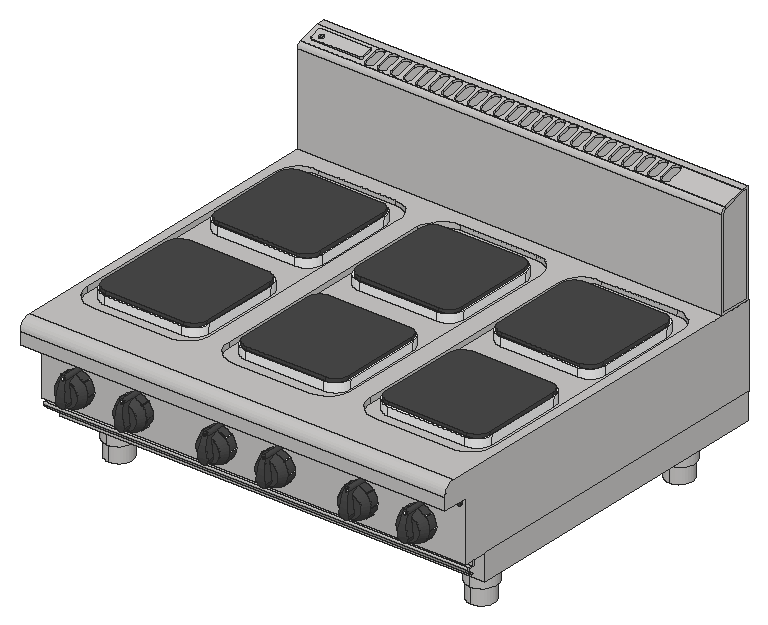
Revit family "QF_Moffat_RN8600SE-B_Electric_Cooktops_Sealed_Hobs_cat", category Specialty Equipment, Revit 2019 (continued)
Definition of nested family "High and Low Option"
  Lines and regions (mm)
    symbolic lines, visible <- "High Back", not visible
      curve 173: spline (585.791, -50.251, 0) -> (585.45, -52.751, 0) -> (584.451, -55.081, 0) -> (582.862, -57.081, 0) -> (580.791, -58.616, 0) -> (578.379, -59.581, 0) -> (575.791, -59.91, 0) -> (573.203, -59.581, 0) -> (570.791, -58.616, 0) -> (568.72, -57.081, 0) -> (567.131, -55.081, 0) -> (566.132, -52.751, 0) -> (565.791, -50.251, 0)
      curve 174: line (593.071, -50.251, 0) -> (593.071, -25.991, 0)
      curve 175: spline (593.071, -25.991, 0) -> (593.412, -23.491, 0) -> (594.411, -21.162, 0) -> (596, -19.161, 0) -> (598.071, -17.626, 0) -> (600.483, -16.661, 0) -> (603.071, -16.332, 0) -> (605.659, -16.661, 0) -> (608.071, -17.626, 0) -> (610.142, -19.161, 0) -> (611.731, -21.162, 0) -> (612.73, -23.491, 0) -> (613.071, -25.991, 0)
      curve 176: line (613.071, -25.991, 0) -> (613.071, -50.251, 0)
      curve 177: spline (613.071, -50.251, 0) -> (612.73, -52.751, 0) -> (611.731, -55.081, 0) -> (610.142, -57.081, 0) -> (608.071, -58.616, 0) -> (605.659, -59.581, 0) -> (603.071, -59.91, 0) -> (600.483, -59.581, 0) -> (598.071, -58.616, 0) -> (596, -57.081, 0) -> (594.411, -55.081, 0) -> (593.412, -52.751, 0) -> (593.071, -50.251, 0)
      curve 178: line (620.351, -50.251, 0) -> (620.351, -25.991, 0)
      curve 179: spline (620.351, -25.991, 0) -> (620.692, -23.491, 0) -> (621.691, -21.162, 0) -> (623.28, -19.161, 0) -> (625.351, -17.626, 0) -> (627.763, -16.661, 0) -> (630.351, -16.332, 0) -> (632.939, -16.661, 0) -> (635.351, -17.626, 0) -> (637.422, -19.161, 0) -> (639.012, -21.162, 0) -> (640.011, -23.491, 0) -> (640.351, -25.991, 0)
      curve 180: line (640.351, -25.991, 0) -> (640.351, -50.251, 0)
      curve 181: spline (640.351, -50.251, 0) -> (640.011, -52.751, 0) -> (639.012, -55.081, 0) -> (637.422, -57.081, 0) -> (635.351, -58.616, 0) -> (632.939, -59.581, 0) -> (630.351, -59.91, 0) -> (627.763, -59.581, 0) -> (625.351, -58.616, 0) -> (623.28, -57.081, 0) -> (621.691, -55.081, 0) -> (620.692, -52.751, 0) -> (620.351, -50.251, 0)
      curve 182: line (647.632, -50.251, 0) -> (647.632, -25.991, 0)
      curve 183: spline (647.632, -25.991, 0) -> (647.972, -23.491, 0) -> (648.971, -21.162, 0) -> (650.56, -19.161, 0) -> (652.632, -17.626, 0) -> (655.043, -16.661, 0) -> (657.632, -16.332, 0) -> (660.22, -16.661, 0) -> (662.632, -17.626, 0) -> (664.703, -19.161, 0) -> (666.292, -21.162, 0) -> (667.291, -23.491, 0) -> (667.632, -25.991, 0)
      curve 184: line (667.632, -25.991, 0) -> (667.632, -50.251, 0)
      curve 185: spline (667.632, -50.251, 0) -> (667.291, -52.751, 0) -> (666.292, -55.081, 0) -> (664.703, -57.081, 0) -> (662.632, -58.616, 0) -> (660.22, -59.581, 0) -> (657.632, -59.91, 0) -> (655.043, -59.581, 0) -> (652.632, -58.616, 0) -> (650.56, -57.081, 0) -> (648.971, -55.081, 0) -> (647.972, -52.751, 0) -> (647.632, -50.251, 0)
      curve 186: line (674.912, -50.251, 0) -> (674.912, -25.991, 0)
      curve 187: spline (674.912, -25.991, 0) -> (675.252, -23.491, 0) -> (676.251, -21.162, 0) -> (677.841, -19.161, 0) -> (679.912, -17.626, 0) -> (682.324, -16.661, 0) -> (684.912, -16.332, 0) -> (687.5, -16.661, 0) -> (689.912, -17.626, 0) -> (691.983, -19.161, 0) -> (693.572, -21.162, 0) -> (694.571, -23.491, 0) -> (694.912, -25.991, 0)
      curve 188: line (694.912, -25.991, 0) -> (694.912, -50.251, 0)
      curve 189: spline (694.912, -50.251, 0) -> (694.571, -52.751, 0) -> (693.572, -55.081, 0) -> (691.983, -57.081, 0) -> (689.912, -58.616, 0) -> (687.5, -59.581, 0) -> (684.912, -59.91, 0) -> (682.324, -59.581, 0) -> (679.912, -58.616, 0) -> (677.841, -57.081, 0) -> (676.251, -55.081, 0) -> (675.252, -52.751, 0) -> (674.912, -50.251, 0)
      curve 190: line (702.192, -50.251, 0) -> (702.192, -25.991, 0)
      curve 191: spline (702.192, -25.991, 0) -> (702.533, -23.491, 0) -> (703.532, -21.162, 0) -> (705.121, -19.161, 0) -> (707.192, -17.626, 0) -> (709.604, -16.661, 0) -> (712.192, -16.332, 0) -> (714.78, -16.661, 0) -> (717.192, -17.626, 0) -> (719.263, -19.161, 0) -> (720.852, -21.162, 0) -> (721.851, -23.491, 0) -> (722.192, -25.991, 0)
      curve 192: line (722.192, -25.991, 0) -> (722.192, -50.251, 0)
      curve 193: spline (722.192, -50.251, 0) -> (721.851, -52.751, 0) -> (720.852, -55.081, 0) -> (719.263, -57.081, 0) -> (717.192, -58.616, 0) -> (714.78, -59.581, 0) -> (712.192, -59.91, 0) -> (709.604, -59.581, 0) -> (707.192, -58.616, 0) -> (705.121, -57.081, 0) -> (703.532, -55.081, 0) -> (702.533, -52.751, 0) -> (702.192, -50.251, 0)
      curve 194: line (729.472, -50.251, 0) -> (729.472, -25.991, 0)
      curve 195: spline (729.472, -25.991, 0) -> (729.813, -23.491, 0) -> (730.812, -21.162, 0) -> (732.401, -19.161, 0) -> (734.472, -17.626, 0) -> (736.884, -16.661, 0) -> (739.472, -16.332, 0) -> (742.06, -16.661, 0) -> (744.472, -17.626, 0) -> (746.543, -19.161, 0) -> (748.132, -21.162, 0) -> (749.131, -23.491, 0) -> (749.472, -25.991, 0)
      curve 196: line (749.472, -25.991, 0) -> (749.472, -50.251, 0)
      curve 197: spline (749.472, -50.251, 0) -> (749.131, -52.751, 0) -> (748.132, -55.081, 0) -> (746.543, -57.081, 0) -> (744.472, -58.616, 0) -> (742.06, -59.581, 0) -> (739.472, -59.91, 0) -> (736.884, -59.581, 0) -> (734.472, -58.616, 0) -> (732.401, -57.081, 0) -> (730.812, -55.081, 0) -> (729.813, -52.751, 0) -> (729.472, -50.251, 0)
      curve 198: line (756.752, -50.251, 0) -> (756.752, -25.991, 0)
      curve 199: spline (756.752, -25.991, 0) -> (757.093, -23.491, 0) -> (758.092, -21.162, 0) -> (759.681, -19.161, 0) -> (761.752, -17.626, 0) -> (764.164, -16.661, 0) -> (766.752, -16.332, 0) -> (769.341, -16.661, 0) -> (771.752, -17.626, 0) -> (773.823, -19.161, 0) -> (775.413, -21.162, 0) -> (776.412, -23.491, 0) -> (776.752, -25.991, 0)
      curve 200: line (776.752, -25.991, 0) -> (776.752, -50.251, 0)
      curve 201: spline (776.752, -50.251, 0) -> (776.412, -52.751, 0) -> (775.413, -55.081, 0) -> (773.823, -57.081, 0) -> (771.752, -58.616, 0) -> (769.341, -59.581, 0) -> (766.752, -59.91, 0) -> (764.164, -59.581, 0) -> (761.752, -58.616, 0) -> (759.681, -57.081, 0) -> (758.092, -55.081, 0) -> (757.093, -52.751, 0) -> (756.752, -50.251, 0)
  Dimensions and locks
    equal spacing: plane 3 "LEFT", plane 7 "Center Y", plane 4 "RIGHT"
    "Length": plane 3 "LEFT" to plane 4 "RIGHT"
    equal spacing: plane 5 "FRONT", plane 8 "Center X", plane 1 "BACK"
    "Depth": plane 5 "FRONT" to plane 1 "BACK"
    "Height": plane 6 "TOP" to level
    plane 4 "RIGHT" to plane 3 "LEFT" = 900 mm
    plane 1 "BACK" to plane 5 "FRONT" = 805 mm
    plane 9 to plane 10 = 769 mm
    plane 12 to plane 2 = 675 mm
    plane 6 "TOP" to level = 970 mm
    plane 13 to level = 1130 mm
    aligned and locked: level to plane 2
  Automatic sketch dimensions
    plane 1 "BACK" to curve 1 = 71.587 mm
    curve 1 to plane 6 "TOP" = 46.75 mm
    curve 1 to curve 1 = 23 mm
    Extrusion 5 sketch curve to Extrusion 5 sketch curve = 10 mm  (x24)
    Extrusion 5 sketch curve to Extrusion 5 sketch curve = 7.28 mm  (x23)
    Extrusion 5 sketch curve to Extrusion 5 sketch curve = 11.379 mm  (x2)
    Extrusion 5 sketch curve to Extrusion 5 sketch curve = 0 mm  (x33)
    Extrusion 5 sketch curve to Extrusion 5 sketch curve = 25.116 mm  (x13)
    Extrusion 5 sketch curve to Extrusion 5 sketch curve = 47.732 mm
    Extrusion 5 sketch curve to Extrusion 5 sketch curve = 129.307 mm
    Extrusion 5 sketch curve to Extrusion 5 sketch curve = 123.248 mm
    Extrusion 10 sketch curve to Extrusion 10 sketch curve = 10 mm  (x24)
    Extrusion 10 sketch curve to Extrusion 10 sketch curve = 7.28 mm  (x23)
    Extrusion 10 sketch curve to Extrusion 10 sketch curve = 11.379 mm  (x2)
    Extrusion 10 sketch curve to Extrusion 10 sketch curve = 0 mm  (x33)
    Extrusion 10 sketch curve to Extrusion 10 sketch curve = 25.116 mm  (x13)
    Extrusion 10 sketch curve to Extrusion 10 sketch curve = 47.732 mm
    Extrusion 10 sketch curve to Extrusion 10 sketch curve = 129.307 mm
    Extrusion 10 sketch curve to Extrusion 10 sketch curve = 123.248 mm
    curve 3 to curve 6 = 129.307 mm
    curve 6 to curve 8 = 20 mm
    curve 8 to curve 10 = 7.28 mm
    curve 10 to curve 12 = 20 mm
    curve 13 to curve 14 = 7.28 mm
    curve 14 to curve 16 = 20 mm
    curve 16 to curve 18 = 7.28 mm
    curve 18 to curve 20 = 20 mm
    curve 21 to curve 22 = 7.28 mm
    curve 22 to curve 24 = 20 mm
    curve 25 to curve 26 = 7.28 mm
    curve 26 to curve 28 = 20 mm
    curve 29 to curve 30 = 7.28 mm
    curve 30 to curve 32 = 20 mm
    curve 32 to curve 34 = 7.28 mm
    curve 34 to curve 36 = 20 mm
    curve 37 to curve 38 = 7.28 mm
    curve 41 to curve 40 = 20 mm
    curve 41 to curve 42 = 7.28 mm
    curve 45 to curve 44 = 20 mm
    curve 43 to curve 46 = 7.28 mm
    curve 46 to curve 48 = 20 mm
    curve 49 to curve 50 = 7.28 mm
    curve 50 to curve 52 = 20 mm
    curve 52 to curve 54 = 7.28 mm
    curve 54 to curve 56 = 20 mm
    curve 57 to curve 58 = 7.28 mm
    curve 58 to curve 60 = 20 mm
    curve 61 to curve 62 = 7.28 mm
    curve 62 to curve 64 = 20 mm
    curve 64 to curve 66 = 7.28 mm
    curve 66 to curve 68 = 20 mm
    curve 69 to curve 70 = 7.28 mm
    curve 70 to curve 72 = 20 mm
    curve 73 to curve 74 = 7.28 mm
    curve 74 to curve 76 = 20 mm
    curve 77 to curve 78 = 7.28 mm
    curve 78 to curve 80 = 20 mm
    curve 80 to curve 82 = 7.28 mm
    curve 82 to curve 84 = 20 mm
    curve 85 to curve 86 = 7.28 mm
    curve 87 to curve 88 = 20 mm
    curve 89 to curve 90 = 7.28 mm
    curve 90 to curve 92 = 20 mm
    curve 91 to curve 94 = 7.28 mm
    curve 94 to curve 96 = 20 mm
    curve 96 to curve 98 = 7.28 mm
    curve 98 to curve 100 = 20 mm
    curve 3 to curve 6 = 19.749 mm
    curve 9 to curve 10 = 0 mm
    curve 96 to curve 101 = 0 mm
    curve 13 to curve 14 = 0 mm
    curve 92 to curve 97 = 0 mm
    curve 16 to curve 18 = 0 mm
    curve 88 to curve 90 = 0 mm
    curve 21 to curve 22 = 0 mm
    curve 84 to curve 86 = 0 mm  (x2)
    curve 25 to curve 26 = 0 mm
    curve 80 to curve 85 = 0 mm
    curve 29 to curve 30 = 0 mm
    curve 76 to curve 81 = 0 mm
    curve 33 to curve 34 = 0 mm
    curve 72 to curve 74 = 0 mm  (x2)
    curve 37 to curve 38 = 0 mm
    curve 68 to curve 70 = 0 mm  (x2)
    curve 41 to curve 42 = 0 mm
    curve 64 to curve 69 = 0 mm
    curve 45 to curve 46 = 0 mm
    curve 60 to curve 65 = 0 mm
    curve 49 to curve 50 = 0 mm
    curve 56 to curve 58 = 0 mm  (x2)
    curve 56 to curve 56 = 24.26 mm
    curve 52 to curve 55 = 0 mm
    curve 48 to curve 51 = 0 mm
    curve 59 to curve 62 = 0 mm
    curve 44 to curve 47 = 0 mm
    curve 64 to curve 66 = 0 mm
    curve 40 to curve 43 = 0 mm
    curve 36 to curve 39 = 0 mm
    curve 32 to curve 35 = 0 mm
    curve 75 to curve 78 = 0 mm
    curve 28 to curve 31 = 0 mm
    curve 80 to curve 82 = 0 mm
    curve 24 to curve 27 = 0 mm
    curve 20 to curve 23 = 0 mm
    curve 87 to curve 90 = 0 mm
    curve 16 to curve 19 = 0 mm
    curve 91 to curve 94 = 0 mm
    curve 12 to curve 15 = 0 mm
    curve 96 to curve 98 = 0 mm
    curve 8 to curve 11 = 0 mm
    curve 3 to curve 3 = 70 mm
    curve 100 to curve 5 = 123.248 mm
    curve 4 to curve 100 = 19.749 mm
    curve 103 to curve 106 = 129.307 mm
    curve 106 to curve 108 = 20 mm
    curve 108 to curve 110 = 7.28 mm
    curve 110 to curve 112 = 20 mm
    curve 113 to curve 114 = 7.28 mm
    curve 114 to curve 116 = 20 mm
    curve 116 to curve 118 = 7.28 mm
    curve 118 to curve 120 = 20 mm
    curve 121 to curve 122 = 7.28 mm
    curve 122 to curve 124 = 20 mm
    curve 125 to curve 126 = 7.28 mm
    curve 126 to curve 128 = 20 mm
    curve 129 to curve 130 = 7.28 mm
    curve 130 to curve 132 = 20 mm
    curve 132 to curve 134 = 7.28 mm
    curve 134 to curve 136 = 20 mm
    curve 137 to curve 138 = 7.28 mm
    curve 141 to curve 140 = 20 mm
    curve 141 to curve 142 = 7.28 mm
    curve 145 to curve 144 = 20 mm
    curve 143 to curve 146 = 7.28 mm
    curve 146 to curve 148 = 20 mm
    curve 149 to curve 150 = 7.28 mm
    curve 150 to curve 152 = 20 mm
    curve 152 to curve 154 = 7.28 mm
    curve 154 to curve 156 = 20 mm
    curve 157 to curve 158 = 7.28 mm
    curve 158 to curve 160 = 20 mm
    curve 161 to curve 162 = 7.28 mm
    curve 162 to curve 164 = 20 mm
    curve 164 to curve 166 = 7.28 mm
    curve 166 to curve 168 = 20 mm
    curve 169 to curve 170 = 7.28 mm
    curve 170 to curve 172 = 20 mm
    curve 173 to curve 174 = 7.28 mm
    curve 174 to curve 176 = 20 mm
    curve 177 to curve 178 = 7.28 mm
    curve 178 to curve 180 = 20 mm
    curve 180 to curve 182 = 7.28 mm
    curve 182 to curve 184 = 20 mm
    curve 185 to curve 186 = 7.28 mm
    curve 187 to curve 188 = 20 mm
    curve 189 to curve 190 = 7.28 mm
    curve 190 to curve 192 = 20 mm
    curve 191 to curve 194 = 7.28 mm
    curve 194 to curve 196 = 20 mm
    curve 196 to curve 198 = 7.28 mm
    curve 198 to curve 200 = 20 mm
    curve 103 to curve 106 = 19.749 mm
    curve 109 to curve 110 = 0 mm
    curve 196 to curve 201 = 0 mm
    curve 113 to curve 114 = 0 mm
    curve 192 to curve 197 = 0 mm
    curve 116 to curve 118 = 0 mm
    curve 188 to curve 190 = 0 mm
    curve 121 to curve 122 = 0 mm
    curve 184 to curve 186 = 0 mm  (x2)
    curve 125 to curve 126 = 0 mm
    curve 180 to curve 185 = 0 mm
    curve 129 to curve 130 = 0 mm
    curve 176 to curve 181 = 0 mm
    curve 133 to curve 134 = 0 mm
    curve 172 to curve 174 = 0 mm  (x2)
    curve 137 to curve 138 = 0 mm
    curve 168 to curve 170 = 0 mm  (x2)
    curve 141 to curve 142 = 0 mm
    curve 164 to curve 169 = 0 mm
    curve 145 to curve 146 = 0 mm
    curve 160 to curve 165 = 0 mm
    curve 149 to curve 150 = 0 mm
    curve 156 to curve 158 = 0 mm  (x2)
    curve 156 to curve 156 = 24.26 mm
    curve 152 to curve 155 = 0 mm
    curve 148 to curve 151 = 0 mm
    curve 159 to curve 162 = 0 mm
    curve 144 to curve 147 = 0 mm
    curve 164 to curve 166 = 0 mm
    curve 140 to curve 143 = 0 mm
    curve 136 to curve 139 = 0 mm
    curve 132 to curve 135 = 0 mm
    curve 175 to curve 178 = 0 mm
    curve 128 to curve 131 = 0 mm
    curve 180 to curve 182 = 0 mm
    curve 124 to curve 127 = 0 mm
    curve 120 to curve 123 = 0 mm
    curve 187 to curve 190 = 0 mm
    curve 116 to curve 119 = 0 mm
    curve 191 to curve 194 = 0 mm
    curve 112 to curve 115 = 0 mm
    curve 196 to curve 198 = 0 mm
    curve 108 to curve 111 = 0 mm
    curve 103 to curve 103 = 70 mm
    curve 200 to curve 105 = 123.248 mm
    curve 104 to curve 200 = 19.749 mm
    curve 203 to curve 204 = 900 mm
    curve 203 to curve 203 = 70 mm
    curve 207 to curve 208 = 900 mm
    curve 207 to curve 207 = 70 mm
    Extrusion 1 sketch curve to Extrusion 1 sketch curve = 15 mm
    Extrusion 1 sketch curve to Extrusion 1 sketch curve = 55 mm  (x2)
    Extrusion 1 sketch curve to Extrusion 1 sketch curve = 40 mm
    Extrusion 6 sketch curve to Extrusion 6 sketch curve = 15 mm
    Extrusion 6 sketch curve to Extrusion 6 sketch curve = 55 mm  (x2)
    Extrusion 6 sketch curve to Extrusion 6 sketch curve = 40 mm
    Extrusion 4 sketch curve to Extrusion 4 sketch curve = 8.8 mm
    Extrusion 4 sketch curve to Extrusion 4 sketch curve = 43.857 mm
    Extrusion 4 sketch curve to Extrusion 4 sketch curve = 63.6 mm
    Extrusion 4 sketch curve to Extrusion 4 sketch curve = 20.862 mm
    Extrusion 4 sketch curve to Extrusion 4 sketch curve = 187.738 mm
    Extrusion 4 sketch curve to Extrusion 4 sketch curve = 2.278 mm
    Extrusion 3 sketch curve to Extrusion 3 sketch curve = 63.6 mm
    Extrusion 3 sketch curve to Extrusion 3 sketch curve = 187.738 mm
    Extrusion 3 sketch curve to Extrusion 3 sketch curve = 10.943 mm
    Extrusion 3 sketch curve to Extrusion 3 sketch curve = 20.862 mm
    Extrusion 3 sketch curve to Extrusion 3 sketch curve = 6.522 mm
    Extrusion 3 sketch curve to Extrusion 3 sketch curve = 8.5 mm
    Extrusion 3 sketch curve to Extrusion 3 sketch curve = 8.8 mm
    Extrusion 2 sketch curve to Extrusion 2 sketch curve = 3.2 mm  (x4)
    Extrusion 2 sketch curve to Extrusion 2 sketch curve = 5.694 mm
    Extrusion 2 sketch curve to Extrusion 2 sketch curve = 8.8 mm
    Extrusion 2 sketch curve to Extrusion 2 sketch curve = 0 mm
    Extrusion 2 sketch curve to Extrusion 2 sketch curve = 46.106 mm
    Extrusion 2 sketch curve to Extrusion 2 sketch curve = 0.857 mm  (x2)
    Extrusion 2 sketch curve to Extrusion 2 sketch curve = 10.943 mm
    Extrusion 2 sketch curve to Extrusion 2 sketch curve = 187.738 mm
    Extrusion 2 sketch curve to Extrusion 2 sketch curve = 0.117 mm
    Extrusion 2 sketch curve to Extrusion 2 sketch curve = 9.154 mm
    Extrusion 9 sketch curve to Extrusion 9 sketch curve = 8.8 mm
    Extrusion 9 sketch curve to Extrusion 9 sketch curve = 43.857 mm
    Extrusion 9 sketch curve to Extrusion 9 sketch curve = 63.6 mm
    Extrusion 9 sketch curve to Extrusion 9 sketch curve = 20.862 mm
    Extrusion 9 sketch curve to Extrusion 9 sketch curve = 187.738 mm
    Extrusion 9 sketch curve to Extrusion 9 sketch curve = 2.278 mm
    Extrusion 8 sketch curve to Extrusion 8 sketch curve = 63.6 mm
    Extrusion 8 sketch curve to Extrusion 8 sketch curve = 187.738 mm
    Extrusion 8 sketch curve to Extrusion 8 sketch curve = 10.943 mm
    Extrusion 8 sketch curve to Extrusion 8 sketch curve = 20.862 mm
    Extrusion 8 sketch curve to Extrusion 8 sketch curve = 6.522 mm
    Extrusion 8 sketch curve to Extrusion 8 sketch curve = 8.5 mm
    Extrusion 8 sketch curve to Extrusion 8 sketch curve = 8.8 mm
    Extrusion 7 sketch curve to Extrusion 7 sketch curve = 3.2 mm  (x4)
    Extrusion 7 sketch curve to Extrusion 7 sketch curve = 5.694 mm
    Extrusion 7 sketch curve to Extrusion 7 sketch curve = 8.8 mm
    Extrusion 7 sketch curve to Extrusion 7 sketch curve = 0 mm
    Extrusion 7 sketch curve to Extrusion 7 sketch curve = 46.106 mm
    Extrusion 7 sketch curve to Extrusion 7 sketch curve = 0.857 mm  (x2)
    Extrusion 7 sketch curve to Extrusion 7 sketch curve = 10.943 mm
    Extrusion 7 sketch curve to Extrusion 7 sketch curve = 187.738 mm
    Extrusion 7 sketch curve to Extrusion 7 sketch curve = 0.117 mm
    Extrusion 7 sketch curve to Extrusion 7 sketch curve = 9.154 mm
  Nested families
    nested 1: "QF_LOGO_Waldorf" at (32, -70, 923.25), visible <- "Show Logo 1", type "QF_LOGO_Waldorf"
    nested 2: "QF_LOGO_Waldorf1" at (12.5, -38.053, 1110.468), visible <- "Show Logo 2", type "QF_LOGO_Waldorf1"
    nested 3: "QF_LOGO_Waldorf" at (32, -70, 923.25), visible <- "Show Logo 1", type "QF_LOGO_Waldorf", not visible
    nested 4: "QF_LOGO_Waldorf1" at (12.5, -38.053, 1110.468), visible <- "Show Logo 2", type "QF_LOGO_Waldorf1", not visible
  Definition of nested family "QF_LOGO_Waldorf"
    Parameters (values of type "QF_LOGO_Waldorf")
      Weight in Pounds = 0
      URL Cutsheet = ""
      Specification by User = ""
      Specification by Manufacturer = ""
      Serial Number = ""
      Seismic Rating = ""
      SMACNA No = ""
      Revision Code = ""
      NAFEM Spec ID Number = ""
      Masterspec = ""
      Length = 138 mm
      Item Number = ""
      Installed By = ""
      Identify Quantity as Lot = yes
      Height = 26.711 mm
      Furnished By = ""
      Foodservice Equipment Identifier = yes
      Depth = 3.175 mm
      CSI MasterFormat = ""
    Reference planes
      plane 1 "BACK": y = 0
      plane 2: z = 0
      plane 3 "LEFT": x = 0
      plane 4 "RIGHT": x = 138
      plane 5 "FRONT": y = -3.175
      plane 6 "TOP": z = 26.711
      plane 7 "Center Y": x = 69
      plane 8 "Center X": y = -1.587
    Forms (mm)
      Extrusion 1, solid
        sketch origin (0, 0, 0) x (1, 0, 0) y (0, 0, 1)
          loop
            line (109, 3.464) -> (109, 23.247)
            spline (109, 23.247) -> (108.966, 23.699) -> (108.864, 24.143) -> (108.696, 24.572) -> (108.464, 24.979) -> (108.173, 25.355) -> (107.828, 25.696) -> (107.435, 25.995) -> (107, 26.247) -> (106.531, 26.447) -> (106.035, 26.593) -> (105.522, 26.681) -> (105, 26.711)
            line (105, 26.711) -> (4, 26.711)
            spline (4, 26.711) -> (3.478, 26.681) -> (2.965, 26.593) -> (2.469, 26.447) -> (2, 26.247) -> (1.565, 25.995) -> (1.172, 25.696) -> (0.827, 25.355) -> (0.536, 24.979) -> (0.304, 24.572) -> (0.136, 24.143) -> (0.034, 23.699) -> (0, 23.247)
            line (0, 23.247) -> (0, 3.464)
            spline (0, 3.464) -> (0.034, 3.012) -> (0.136, 2.568) -> (0.304, 2.138) -> (0.536, 1.732) -> (0.827, 1.355) -> (1.172, 1.015) -> (1.565, 0.716) -> (2, 0.464) -> (2.469, 0.264) -> (2.965, 0.118) -> (3.478, 0.03) -> (4, 0)
            line (4, 0) -> (105, 0)
            spline (105, 0) -> (105.522, 0.03) -> (106.035, 0.118) -> (106.531, 0.264) -> (107, 0.464) -> (107.435, 0.716) -> (107.828, 1.015) -> (108.173, 1.355) -> (108.464, 1.732) -> (108.696, 2.138) -> (108.864, 2.568) -> (108.966, 3.012) -> (109, 3.464)
          loop
            line (14.75, 7.005) -> (14.75, 15.654)
            arc (14.75, 15.654) -> (10.425, 11.329) -> (14.75, 7.005) r 4.325
          loop
            line (15.25, 15.654) -> (15.25, 7.005)
            arc (15.25, 7.005) -> (19.575, 11.329) -> (15.25, 15.654) r 4.325
        from 0 to 3.2
      Extrusion 2, solid
        sketch origin (0, 0, 0) x (1, 0, 0) y (0, 0, 1)
          loop
            line (15.25, 15.654) -> (15.25, 7.005)
            arc (15.25, 7.005) -> (19.575, 11.329) -> (15.25, 15.654) r 4.325
        from 0 to 3.2
      Extrusion 3, solid
        sketch origin (16.271, 0, 0) x (-1, 0, 0) y (0, 0, -1)
          loop
            arc (1.521, -15.654) -> (5.846, -11.329) -> (1.521, -7.005) r 4.325
            line (1.521, -7.005) -> (1.521, -15.654)
        from 0 to 3.2
    Lines and regions (mm)
      Split face 1
        outline origin (0, -3.2, 0) x (1, 0, 0) y (0, 0, 1)
          loop
            spline (22.129, 16.975) -> (22.389, 15.984) -> (22.649, 15.002) -> (22.91, 14.028) -> (23.172, 13.065) -> (23.433, 12.11) -> (23.695, 11.166) -> (23.956, 10.232) -> (24.218, 9.308) -> (24.479, 8.396) -> (24.74, 7.495) -> (25, 6.605) -> (25.26, 5.728)
            line (25.26, 5.728) -> (29.463, 5.728)
            spline (29.463, 5.728) -> (29.582, 6.252) -> (29.701, 6.78) -> (29.82, 7.313) -> (29.939, 7.85) -> (30.058, 8.391) -> (30.178, 8.936) -> (30.297, 9.485) -> (30.416, 10.038) -> (30.536, 10.594) -> (30.655, 11.155) -> (30.775, 11.719) -> (30.894, 12.287)
            spline (30.894, 12.287) -> (31.018, 11.719) -> (31.142, 11.155) -> (31.266, 10.594) -> (31.39, 10.038) -> (31.514, 9.485) -> (31.638, 8.936) -> (31.762, 8.391) -> (31.885, 7.85) -> (32.009, 7.313) -> (32.133, 6.78) -> (32.256, 6.252) -> (32.379, 5.728)
            line (32.379, 5.728) -> (36.51, 5.728)
            spline (36.51, 5.728) -> (36.766, 6.605) -> (37.023, 7.495) -> (37.28, 8.396) -> (37.538, 9.308) -> (37.795, 10.232) -> (38.053, 11.166) -> (38.311, 12.11) -> (38.569, 13.065) -> (38.826, 14.028) -> (39.083, 15.002) -> (39.34, 15.984) -> (39.597, 16.975)
            line (39.597, 16.975) -> (35.637, 16.975)
            spline (35.637, 16.975) -> (35.523, 16.334) -> (35.41, 15.697) -> (35.296, 15.063) -> (35.182, 14.433) -> (35.068, 13.807) -> (34.954, 13.185) -> (34.84, 12.566) -> (34.726, 11.952) -> (34.612, 11.342) -> (34.497, 10.737) -> (34.383, 10.135) -> (34.269, 9.538)
            spline (34.269, 9.538) -> (34.138, 10.135) -> (34.008, 10.737) -> (33.877, 11.342) -> (33.746, 11.952) -> (33.616, 12.566) -> (33.485, 13.185) -> (33.354, 13.807) -> (33.224, 14.433) -> (33.093, 15.063) -> (32.963, 15.697) -> (32.833, 16.334) -> (32.703, 16.975)
            line (32.703, 16.975) -> (29.247, 16.975)
            spline (29.247, 16.975) -> (29.111, 16.334) -> (28.974, 15.697) -> (28.837, 15.063) -> (28.7, 14.433) -> (28.562, 13.807) -> (28.425, 13.185) -> (28.288, 12.566) -> (28.15, 11.952) -> (28.013, 11.342) -> (27.875, 10.737) -> (27.738, 10.135) -> (27.6, 9.538)
            spline (27.6, 9.538) -> (27.483, 10.135) -> (27.366, 10.737) -> (27.249, 11.342) -> (27.132, 11.952) -> (27.015, 12.566) -> (26.897, 13.185) -> (26.78, 13.807) -> (26.663, 14.433) -> (26.546, 15.063) -> (26.43, 15.697) -> (26.313, 16.334) -> (26.196, 16.975)
            line (26.196, 16.975) -> (22.129, 16.975)
      Split face 2
        outline origin (0, -3.2, 0) x (1, 0, 0) y (0, 0, 1)
          loop
            line (51.449, 5.728) -> (51.035, 6.606) -> (51.035, 11.169)
            spline (51.035, 11.169) -> (50.686, 12.42) -> (50.176, 13.224) -> (49.51, 13.708) -> (48.693, 13.995) -> (47.747, 14.152) -> (46.698, 14.207) -> (45.579, 14.186) -> (44.419, 14.114) -> (43.279, 13.929) -> (42.249, 13.481) -> (41.424, 12.614) -> (40.897, 11.169)
            line (40.897, 11.169) -> (44.617, 11.169) -> (44.988, 11.965)
            spline (44.988, 11.965) -> (47.294, 11.682) -> (46.856, 10.932) -> (45.527, 10.609) -> (43.858, 10.439) -> (42.259, 10.123) -> (41.078, 9.417) -> (40.563, 8.246) -> (40.689, 6.989) -> (41.407, 6.052) -> (42.774, 5.536) -> (44.847, 5.497) -> (47.306, 6.602)
            line (47.306, 6.602) -> (47.624, 5.728) -> (51.449, 5.728)
      Split face 3
        outline origin (0, -3.2, 0) x (1, 0, 0) y (0, 0, 1)
          loop
            line (47.264, 9.264) -> (44.938, 8.597)
            spline (44.938, 8.597) -> (44.508, 8.228) -> (44.402, 7.9) -> (44.548, 7.626) -> (44.877, 7.42) -> (45.317, 7.295) -> (45.797, 7.265) -> (46.252, 7.342) -> (46.65, 7.525) -> (46.971, 7.813) -> (47.194, 8.201) -> (47.298, 8.685) -> (47.264, 9.264)
      Split face 4
        outline origin (0, -3.2, 0) x (1, 0, 0) y (0, 0, 1)
          loop
            line (53.33, 16.975) -> (53.33, 5.728) -> (57.173, 5.728) -> (57.173, 16.975) -> (53.33, 16.975)
      Split face 5
        outline origin (0, -3.2, 0) x (1, 0, 0) y (0, 0, 1)
          loop
            line (65.795, 16.975) -> (65.795, 12.976)
            spline (65.795, 12.976) -> (63.839, 14.082) -> (62.087, 14.096) -> (60.633, 13.343) -> (59.574, 12.148) -> (58.99, 10.806) -> (58.867, 9.452) -> (59.156, 8.159) -> (59.81, 7) -> (60.786, 6.056) -> (62.111, 5.514) -> (63.868, 5.634) -> (66.137, 6.679)
            line (66.137, 6.679) -> (66.137, 5.728) -> (69.511, 5.728) -> (69.511, 16.975) -> (65.795, 16.975)
      Split face 6
        outline origin (0, -3.2, 0) x (1, 0, 0) y (0, 0, 1)
          loop
            spline (64.273, 7.499) -> (64.754, 7.57) -> (65.202, 7.777) -> (65.587, 8.106) -> (65.882, 8.535) -> (66.067, 9.034) -> (66.131, 9.57) -> (66.067, 10.106) -> (65.882, 10.605) -> (65.587, 11.034) -> (65.202, 11.363) -> (64.754, 11.57) -> (64.273, 11.64)
            spline (64.273, 11.64) -> (63.793, 11.57) -> (63.345, 11.363) -> (62.96, 11.034) -> (62.665, 10.605) -> (62.479, 10.106) -> (62.416, 9.57) -> (62.479, 9.034) -> (62.665, 8.535) -> (62.96, 8.106) -> (63.345, 7.777) -> (63.793, 7.57) -> (64.273, 7.499)
      Split face 7
        outline origin (0, -3.2, 0) x (1, 0, 0) y (0, 0, 1)
          loop
            spline (76.449, 5.305) -> (77.855, 5.457) -> (79.166, 5.901) -> (80.291, 6.607) -> (81.155, 7.527) -> (81.698, 8.599) -> (81.883, 9.749) -> (81.698, 10.899) -> (81.155, 11.97) -> (80.291, 12.891) -> (79.166, 13.597) -> (77.855, 14.041) -> (76.449, 14.192)
            spline (76.449, 14.192) -> (75.042, 14.041) -> (73.731, 13.597) -> (72.606, 12.891) -> (71.742, 11.97) -> (71.199, 10.899) -> (71.014, 9.749) -> (71.199, 8.599) -> (71.742, 7.527) -> (72.606, 6.607) -> (73.731, 5.901) -> (75.042, 5.457) -> (76.449, 5.305)
      Split face 8
        outline origin (0, -3.2, 0) x (1, 0, 0) y (0, 0, 1)
          loop
            spline (76.449, 7.654) -> (76.841, 7.725) -> (77.206, 7.934) -> (77.52, 8.267) -> (77.76, 8.701) -> (77.912, 9.206) -> (77.963, 9.749) -> (77.912, 10.291) -> (77.76, 10.796) -> (77.52, 11.23) -> (77.206, 11.563) -> (76.841, 11.772) -> (76.449, 11.843)
            spline (76.449, 11.843) -> (76.057, 11.772) -> (75.691, 11.563) -> (75.378, 11.23) -> (75.137, 10.796) -> (74.986, 10.291) -> (74.934, 9.749) -> (74.986, 9.206) -> (75.137, 8.701) -> (75.378, 8.267) -> (75.691, 7.934) -> (76.057, 7.725) -> (76.449, 7.654)
      Split face 9
        outline origin (0, -3.2, 0) x (1, 0, 0) y (0, 0, 1)
          loop
            line (86.998, 12.335) -> (86.998, 13.879) -> (83.479, 13.879) -> (83.479, 5.728) -> (87.312, 5.728) -> (87.312, 8.975)
            spline (87.312, 8.975) -> (87.364, 9.356) -> (87.458, 9.686) -> (87.594, 9.968) -> (87.769, 10.204) -> (87.982, 10.398) -> (88.229, 10.55) -> (88.509, 10.666) -> (88.82, 10.746) -> (89.16, 10.794) -> (89.525, 10.812) -> (89.915, 10.803) -> (90.327, 10.77)
            line (90.327, 10.77) -> (90.327, 14.113)
            spline (90.327, 14.113) -> (89.929, 14.127) -> (89.552, 14.111) -> (89.197, 14.066) -> (88.865, 13.991) -> (88.554, 13.887) -> (88.266, 13.754) -> (87.999, 13.591) -> (87.755, 13.399) -> (87.532, 13.177) -> (87.332, 12.926) -> (87.154, 12.645) -> (86.998, 12.335)
      Split face 10
        outline origin (0, -3.2, 0) x (1, 0, 0) y (0, 0, 1)
          loop
            line (92.082, 13.879) -> (90.894, 13.879) -> (90.894, 11.972) -> (92.082, 11.972) -> (92.082, 5.728) -> (95.871, 5.728) -> (95.871, 11.972) -> (97.5, 11.972) -> (97.5, 13.879) -> (95.871, 13.879)
            spline (95.871, 13.879) -> (95.843, 14.088) -> (95.845, 14.278) -> (95.877, 14.447) -> (95.939, 14.596) -> (96.03, 14.726) -> (96.151, 14.835) -> (96.301, 14.925) -> (96.482, 14.995) -> (96.692, 15.045) -> (96.931, 15.075) -> (97.201, 15.085) -> (97.5, 15.076)
            line (97.5, 15.076) -> (97.5, 17.266) -> (95.367, 17.266)
            spline (95.367, 17.266) -> (94.982, 17.253) -> (94.58, 17.21) -> (94.174, 17.132) -> (93.774, 17.013) -> (93.39, 16.846) -> (93.034, 16.627) -> (92.717, 16.349) -> (92.448, 16.007) -> (92.24, 15.595) -> (92.102, 15.106) -> (92.046, 14.537) -> (92.082, 13.879)
    Dimensions and locks
      equal spacing: plane 3 "LEFT", plane 7 "Center Y", plane 4 "RIGHT"
      "Length": plane 3 "LEFT" to plane 4 "RIGHT"
      equal spacing: plane 5 "FRONT", plane 8 "Center X", plane 1 "BACK"
      "Depth": plane 5 "FRONT" to plane 1 "BACK"
      "Height": plane 6 "TOP" to level
      plane 4 "RIGHT" to plane 3 "LEFT" = 138 mm
      aligned and locked: level to plane 2
    Automatic sketch dimensions
      Extrusion 1 sketch curve to plane 3 "LEFT" = 0 mm
      Extrusion 1 sketch curve to plane 6 "TOP" = 0 mm
      Extrusion 1 sketch curve to level = 0 mm
      plane 3 "LEFT" to Extrusion 1 sketch curve = 4 mm  (x2)
      Extrusion 1 sketch curve to Extrusion 1 sketch curve = 10.75 mm
      Extrusion 1 sketch curve to Extrusion 1 sketch curve = 0.5 mm
      plane 4 "RIGHT" to Extrusion 1 sketch curve = 33 mm
      Extrusion 1 sketch curve to Extrusion 1 sketch curve = 0 mm  (x3)
      Extrusion 1 sketch curve to Extrusion 1 sketch curve = 4 mm
      level to Extrusion 1 sketch curve = 3.464 mm  (x2)
      level to Extrusion 1 sketch curve = 7.005 mm
      Extrusion 1 sketch curve to Extrusion 1 sketch curve = 4.325 mm
      Extrusion 1 sketch curve to plane 6 "TOP" = 3.464 mm  (x2)
      Extrusion 2 sketch curve to Extrusion 2 sketch curve = 4.325 mm
      level to Extrusion 2 sketch curve = 7.005 mm
      plane 3 "LEFT" to Extrusion 2 sketch curve = 15.25 mm
      Extrusion 3 sketch curve to Extrusion 3 sketch curve = 4.325 mm
      Extrusion 3 sketch curve to level = 7.005 mm
      Extrusion 3 sketch curve to plane 3 "LEFT" = 14.75 mm
      Extrusion 1 to Split face 1 sketch curve = 6.879 mm
      Split face 1 sketch curve to Extrusion 1 = 5.728 mm
      Split face 1 sketch curve to Split face 1 sketch curve = 3.132 mm
      Split face 1 sketch curve to Split face 1 sketch curve = 4.068 mm
      Split face 1 sketch curve to Split face 1 sketch curve = 3.051 mm
      Split face 1 sketch curve to Split face 1 sketch curve = 4.203 mm
      Split face 1 sketch curve to Split face 1 sketch curve = 2.916 mm
      Split face 1 sketch curve to Split face 1 sketch curve = 3.456 mm
      Split face 1 sketch curve to Split face 1 sketch curve = 2.934 mm
      Split face 1 sketch curve to Split face 1 sketch curve = 4.131 mm
      Split face 1 sketch curve to Split face 1 sketch curve = 3.96 mm
      Split face 1 sketch curve to Split face 1 sketch curve = 0 mm  (x2)
      Split face 1 sketch curve to Extrusion 1 = 9.736 mm  (x2)
      Extrusion 1 to Split face 1 sketch curve = 6.337 mm
      Extrusion 1 to Split face 1 sketch curve = 6.231 mm
      Extrusion 1 to Split face 1 sketch curve = 3.184 mm
      Extrusion 1 to Split face 1 sketch curve = 13.135 mm
      Split face 1 sketch curve to Split face 1 sketch curve = 4.652 mm
      Split face 1 sketch curve to Split face 1 sketch curve = 3.593 mm
      Split face 1 sketch curve to Split face 1 sketch curve = 1.863 mm
      Split face 1 sketch curve to Split face 1 sketch curve = 0.713 mm
      Split face 1 sketch curve to Split face 1 sketch curve = 2.684 mm
      Split face 1 sketch curve to Split face 1 sketch curve = 3.294 mm
      Split face 1 sketch curve to Split face 1 sketch curve = 0.459 mm
      Split face 1 sketch curve to Split face 1 sketch curve = 2.775 mm
      Split face 1 sketch curve to Split face 1 sketch curve = 1.89 mm
      Split face 1 sketch curve to Split face 1 sketch curve = 0.685 mm
      Split face 1 sketch curve to Split face 1 sketch curve = 9.486 mm
      Split face 1 sketch curve to Split face 1 sketch curve = 16.213 mm
      Split face 1 sketch curve to Split face 1 sketch curve = 3.48 mm
      Split face 1 sketch curve to Split face 1 sketch curve = 4.918 mm
      Split face 1 sketch curve to Split face 1 sketch curve = 7.609 mm
      Split face 1 sketch curve to Split face 1 sketch curve = 0.01 mm  (x2)
      Split face 1 sketch curve to Split face 1 sketch curve = 0.002 mm
      Split face 2 sketch curve to Extrusion 1 = 11.169 mm
      Extrusion 1 to Split face 2 sketch curve = 25.647 mm
      Split face 2 sketch curve to Split face 2 sketch curve = 3.72 mm
      Split face 2 sketch curve to Extrusion 1 = 11.965 mm
      Split face 2 sketch curve to Split face 2 sketch curve = 0.371 mm
      Split face 2 sketch curve to Extrusion 1 = 6.602 mm
      Split face 2 sketch curve to Split face 2 sketch curve = 2.689 mm
      Split face 2 sketch curve to Split face 2 sketch curve = 0.318 mm
      Split face 2 sketch curve to Split face 2 sketch curve = 3.729 mm
      Split face 2 sketch curve to Split face 2 sketch curve = 0.414 mm
      Split face 2 sketch curve to Split face 2 sketch curve = 0.875 mm
      Split face 2 sketch curve to Split face 2 sketch curve = 0.878 mm
      Split face 3 sketch curve to Extrusion 1 = 8.597 mm
      Extrusion 1 to Split face 3 sketch curve = 29.688 mm
      Split face 3 sketch curve to Extrusion 1 = 9.264 mm
      Split face 3 sketch curve to Split face 3 sketch curve = 2.326 mm
      Split face 4 sketch curve to Extrusion 1 = 5.728 mm
      Extrusion 1 to Split face 4 sketch curve = 38.08 mm
      Split face 4 sketch curve to Split face 4 sketch curve = 3.843 mm
      Split face 4 sketch curve to Extrusion 1 = 9.736 mm
      Split face 5 sketch curve to Extrusion 1 = 12.976 mm
      Split face 5 sketch curve to Extrusion 1 = 43.205 mm
      Split face 5 sketch curve to Extrusion 1 = 6.679 mm
      Split face 5 sketch curve to Split face 5 sketch curve = 0.342 mm
      Split face 5 sketch curve to Split face 5 sketch curve = 3.375 mm
      Split face 5 sketch curve to Split face 5 sketch curve = 0.952 mm
      Split face 5 sketch curve to Split face 5 sketch curve = 3.998 mm
      Split face 6 sketch curve to Extrusion 1 = 7.499 mm
      Split face 6 sketch curve to Extrusion 1 = 44.727 mm
      Split face 6 sketch curve to Split face 6 sketch curve = 2.07 mm
      Split face 7 sketch curve to Extrusion 1 = 5.305 mm
      Split face 7 sketch curve to Extrusion 1 = 32.551 mm
      Split face 7 sketch curve to Split face 7 sketch curve = 4.443 mm
      Split face 8 sketch curve to Split face 8 sketch curve = 2.095 mm
      Split face 8 sketch curve to Extrusion 1 = 7.654 mm
      Split face 8 sketch curve to Extrusion 1 = 32.551 mm
      Split face 9 sketch curve to Extrusion 1 = 5.728 mm
      Split face 9 sketch curve to Extrusion 1 = 25.521 mm
      Split face 9 sketch curve to Split face 9 sketch curve = 3.519 mm
      Split face 9 sketch curve to Split face 9 sketch curve = 0.315 mm
      Split face 9 sketch curve to Split face 9 sketch curve = 3.33 mm
      Split face 9 sketch curve to Split face 9 sketch curve = 3.248 mm
      Split face 9 sketch curve to Split face 9 sketch curve = 1.795 mm
      Split face 9 sketch curve to Split face 9 sketch curve = 3.36 mm
      Split face 9 sketch curve to Split face 9 sketch curve = 1.545 mm
      Split face 9 sketch curve to Split face 9 sketch curve = 0.233 mm
      Split face 10 sketch curve to Extrusion 1 = 18.106 mm
      Split face 10 sketch curve to Split face 10 sketch curve = 1.188 mm  (x2)
      Split face 10 sketch curve to Split face 10 sketch curve = 3.285 mm
      Split face 10 sketch curve to Split face 10 sketch curve = 3.789 mm
      Split face 10 sketch curve to Split face 10 sketch curve = 0 mm  (x2)
      Split face 10 sketch curve to Split face 10 sketch curve = 1.629 mm
      Split face 10 sketch curve to Split face 10 sketch curve = 2.133 mm
      Split face 10 sketch curve to Extrusion 1 = 5.728 mm
      Split face 10 sketch curve to Split face 10 sketch curve = 6.245 mm
      Split face 10 sketch curve to Split face 10 sketch curve = 1.907 mm  (x2)
      Split face 10 sketch curve to Split face 10 sketch curve = 1.197 mm
      Split face 10 sketch curve to Split face 10 sketch curve = 2.19 mm
  Definition of nested family "QF_LOGO_Waldorf1"
    Parameters (values of type "QF_LOGO_Waldorf1")
      Weight in Pounds = 0
      URL Cutsheet = ""
      Specification by User = ""
      Specification by Manufacturer = ""
      Serial Number = ""
      Seismic Rating = ""
      SMACNA No = ""
      Revision Code = ""
      NAFEM Spec ID Number = ""
      Masterspec = ""
      Length = 138 mm
      Item Number = ""
      Installed By = ""
      Identify Quantity as Lot = yes
      Height = 26.711 mm
      Furnished By = ""
      Foodservice Equipment Identifier = yes
      Depth = 3.175 mm
      CSI MasterFormat = ""
    Reference planes
      plane 1 "BACK": y = 0
      plane 2: z = 0
      plane 3 "LEFT": x = 0
      plane 4 "RIGHT": x = 138
      plane 5 "FRONT": y = -3.175
      plane 6 "TOP": z = 26.711
      plane 7 "Center Y": x = 69
      plane 8 "Center X": y = -1.587
    Forms (mm)
      Extrusion 1, solid
        sketch origin (0, -12.9, 9.899) x (1, 0, 0) y (0, 0.965926, 0.258819)
          loop
            line (109, 3.464) -> (109, 23.247)
            spline (109, 23.247) -> (108.966, 23.699) -> (108.864, 24.143) -> (108.696, 24.572) -> (108.464, 24.979) -> (108.173, 25.355) -> (107.828, 25.696) -> (107.435, 25.995) -> (107, 26.247) -> (106.531, 26.447) -> (106.035, 26.593) -> (105.522, 26.681) -> (105, 26.711)
            line (105, 26.711) -> (4, 26.711)
            spline (4, 26.711) -> (3.478, 26.681) -> (2.965, 26.593) -> (2.469, 26.447) -> (2, 26.247) -> (1.565, 25.995) -> (1.172, 25.696) -> (0.827, 25.355) -> (0.536, 24.979) -> (0.304, 24.572) -> (0.136, 24.143) -> (0.034, 23.699) -> (0, 23.247)
            line (0, 23.247) -> (0, 3.464)
            spline (0, 3.464) -> (0.034, 3.012) -> (0.136, 2.568) -> (0.304, 2.138) -> (0.536, 1.732) -> (0.827, 1.355) -> (1.172, 1.015) -> (1.565, 0.716) -> (2, 0.464) -> (2.469, 0.264) -> (2.965, 0.118) -> (3.478, 0.03) -> (4, 0)
            line (4, 0) -> (105, 0)
            spline (105, 0) -> (105.522, 0.03) -> (106.035, 0.118) -> (106.531, 0.264) -> (107, 0.464) -> (107.435, 0.716) -> (107.828, 1.015) -> (108.173, 1.355) -> (108.464, 1.732) -> (108.696, 2.138) -> (108.864, 2.568) -> (108.966, 3.012) -> (109, 3.464)
          loop
            line (14.75, 7.005) -> (14.75, 15.654)
            arc (14.75, 15.654) -> (10.425, 11.329) -> (14.75, 7.005) r 4.325
          loop
            line (15.25, 15.654) -> (15.25, 7.005)
            arc (15.25, 7.005) -> (19.575, 11.329) -> (15.25, 15.654) r 4.325
        from 0 to 3.2
      Extrusion 2, solid
        sketch origin (0, -12.9, 9.899) x (1, 0, 0) y (0, 0.965926, 0.258819)
          loop
            line (15.25, 15.654) -> (15.25, 7.005)
            arc (15.25, 7.005) -> (19.575, 11.329) -> (15.25, 15.654) r 4.325
        from 0 to 3.2
      Extrusion 3, solid
        sketch origin (16.271, -12.9, 9.899) x (-1, 0, 0) y (0, -0.965926, -0.258819)
          loop
            arc (1.521, -15.654) -> (5.846, -11.329) -> (1.521, -7.005) r 4.325
            line (1.521, -7.005) -> (1.521, -15.654)
        from 0 to 3.2
    Lines and regions (mm)
      Split face 1
        outline origin (0, -13.729, 12.99) x (1, 0, 0) y (0, 0.965926, 0.258819)
          loop
            spline (22.129, 16.975) -> (22.389, 15.984) -> (22.649, 15.002) -> (22.91, 14.028) -> (23.172, 13.065) -> (23.433, 12.11) -> (23.695, 11.166) -> (23.956, 10.232) -> (24.218, 9.308) -> (24.479, 8.396) -> (24.74, 7.495) -> (25, 6.605) -> (25.26, 5.728)
            line (25.26, 5.728) -> (29.463, 5.728)
            spline (29.463, 5.728) -> (29.582, 6.252) -> (29.701, 6.78) -> (29.82, 7.313) -> (29.939, 7.85) -> (30.058, 8.391) -> (30.178, 8.936) -> (30.297, 9.485) -> (30.416, 10.038) -> (30.536, 10.594) -> (30.655, 11.155) -> (30.775, 11.719) -> (30.894, 12.287)
            spline (30.894, 12.287) -> (31.018, 11.719) -> (31.142, 11.155) -> (31.266, 10.594) -> (31.39, 10.038) -> (31.514, 9.485) -> (31.638, 8.936) -> (31.762, 8.391) -> (31.885, 7.85) -> (32.009, 7.313) -> (32.133, 6.78) -> (32.256, 6.252) -> (32.379, 5.728)
            line (32.379, 5.728) -> (36.51, 5.728)
            spline (36.51, 5.728) -> (36.766, 6.605) -> (37.023, 7.495) -> (37.28, 8.396) -> (37.538, 9.308) -> (37.795, 10.232) -> (38.053, 11.166) -> (38.311, 12.11) -> (38.569, 13.065) -> (38.826, 14.028) -> (39.083, 15.002) -> (39.34, 15.984) -> (39.597, 16.975)
            line (39.597, 16.975) -> (35.637, 16.975)
            spline (35.637, 16.975) -> (35.523, 16.334) -> (35.41, 15.697) -> (35.296, 15.063) -> (35.182, 14.433) -> (35.068, 13.807) -> (34.954, 13.185) -> (34.84, 12.566) -> (34.726, 11.952) -> (34.612, 11.342) -> (34.497, 10.737) -> (34.383, 10.135) -> (34.269, 9.538)
            spline (34.269, 9.538) -> (34.138, 10.135) -> (34.008, 10.737) -> (33.877, 11.342) -> (33.746, 11.952) -> (33.616, 12.566) -> (33.485, 13.185) -> (33.354, 13.807) -> (33.224, 14.433) -> (33.093, 15.063) -> (32.963, 15.697) -> (32.833, 16.334) -> (32.703, 16.975)
            line (32.703, 16.975) -> (29.247, 16.975)
            spline (29.247, 16.975) -> (29.111, 16.334) -> (28.974, 15.697) -> (28.837, 15.063) -> (28.7, 14.433) -> (28.562, 13.807) -> (28.425, 13.185) -> (28.288, 12.566) -> (28.15, 11.952) -> (28.013, 11.342) -> (27.875, 10.737) -> (27.738, 10.135) -> (27.6, 9.538)
            spline (27.6, 9.538) -> (27.483, 10.135) -> (27.366, 10.737) -> (27.249, 11.342) -> (27.132, 11.952) -> (27.015, 12.566) -> (26.897, 13.185) -> (26.78, 13.807) -> (26.663, 14.433) -> (26.546, 15.063) -> (26.43, 15.697) -> (26.313, 16.334) -> (26.196, 16.975)
            line (26.196, 16.975) -> (22.129, 16.975)
      Split face 2
        outline origin (0, -13.729, 12.99) x (1, 0, 0) y (0, 0.965926, 0.258819)
          loop
            line (51.449, 5.728) -> (51.035, 6.606) -> (51.035, 11.169)
            spline (51.035, 11.169) -> (50.686, 12.42) -> (50.176, 13.224) -> (49.51, 13.708) -> (48.693, 13.995) -> (47.747, 14.152) -> (46.698, 14.207) -> (45.579, 14.186) -> (44.419, 14.114) -> (43.279, 13.929) -> (42.249, 13.481) -> (41.424, 12.614) -> (40.897, 11.169)
            line (40.897, 11.169) -> (44.617, 11.169) -> (44.988, 11.965)
            spline (44.988, 11.965) -> (47.294, 11.682) -> (46.856, 10.932) -> (45.527, 10.609) -> (43.858, 10.439) -> (42.259, 10.123) -> (41.078, 9.417) -> (40.563, 8.246) -> (40.689, 6.989) -> (41.407, 6.052) -> (42.774, 5.536) -> (44.847, 5.497) -> (47.306, 6.602)
            line (47.306, 6.602) -> (47.624, 5.728) -> (51.449, 5.728)
      Split face 3
        outline origin (0, -13.729, 12.99) x (1, 0, 0) y (0, 0.965926, 0.258819)
          loop
            line (47.264, 9.264) -> (44.938, 8.597)
            spline (44.938, 8.597) -> (44.508, 8.228) -> (44.402, 7.9) -> (44.548, 7.626) -> (44.877, 7.42) -> (45.317, 7.295) -> (45.797, 7.265) -> (46.252, 7.342) -> (46.65, 7.525) -> (46.971, 7.813) -> (47.194, 8.201) -> (47.298, 8.685) -> (47.264, 9.264)
      Split face 4
        outline origin (0, -13.729, 12.99) x (1, 0, 0) y (0, 0.965926, 0.258819)
          loop
            line (53.33, 16.975) -> (53.33, 5.728) -> (57.173, 5.728) -> (57.173, 16.975) -> (53.33, 16.975)
      Split face 5
        outline origin (0, -13.729, 12.99) x (1, 0, 0) y (0, 0.965926, 0.258819)
          loop
            line (65.795, 16.975) -> (65.795, 12.976)
            spline (65.795, 12.976) -> (63.839, 14.082) -> (62.087, 14.096) -> (60.633, 13.343) -> (59.574, 12.148) -> (58.99, 10.806) -> (58.867, 9.452) -> (59.156, 8.159) -> (59.81, 7) -> (60.786, 6.056) -> (62.111, 5.514) -> (63.868, 5.634) -> (66.137, 6.679)
            line (66.137, 6.679) -> (66.137, 5.728) -> (69.511, 5.728) -> (69.511, 16.975) -> (65.795, 16.975)
      Split face 6
        outline origin (0, -13.729, 12.99) x (1, 0, 0) y (0, 0.965926, 0.258819)
          loop
            spline (64.273, 7.499) -> (64.754, 7.57) -> (65.202, 7.777) -> (65.587, 8.106) -> (65.882, 8.535) -> (66.067, 9.034) -> (66.131, 9.57) -> (66.067, 10.106) -> (65.882, 10.605) -> (65.587, 11.034) -> (65.202, 11.363) -> (64.754, 11.57) -> (64.273, 11.64)
            spline (64.273, 11.64) -> (63.793, 11.57) -> (63.345, 11.363) -> (62.96, 11.034) -> (62.665, 10.605) -> (62.479, 10.106) -> (62.416, 9.57) -> (62.479, 9.034) -> (62.665, 8.535) -> (62.96, 8.106) -> (63.345, 7.777) -> (63.793, 7.57) -> (64.273, 7.499)
      Split face 7
        outline origin (0, -13.729, 12.99) x (1, 0, 0) y (0, 0.965926, 0.258819)
          loop
            spline (76.449, 5.305) -> (77.855, 5.457) -> (79.166, 5.901) -> (80.291, 6.607) -> (81.155, 7.527) -> (81.698, 8.599) -> (81.883, 9.749) -> (81.698, 10.899) -> (81.155, 11.97) -> (80.291, 12.891) -> (79.166, 13.597) -> (77.855, 14.041) -> (76.449, 14.192)
            spline (76.449, 14.192) -> (75.042, 14.041) -> (73.731, 13.597) -> (72.606, 12.891) -> (71.742, 11.97) -> (71.199, 10.899) -> (71.014, 9.749) -> (71.199, 8.599) -> (71.742, 7.527) -> (72.606, 6.607) -> (73.731, 5.901) -> (75.042, 5.457) -> (76.449, 5.305)
      Split face 8
        outline origin (0, -13.729, 12.99) x (1, 0, 0) y (0, 0.965926, 0.258819)
          loop
            spline (76.449, 7.654) -> (76.841, 7.725) -> (77.206, 7.934) -> (77.52, 8.267) -> (77.76, 8.701) -> (77.912, 9.206) -> (77.963, 9.749) -> (77.912, 10.291) -> (77.76, 10.796) -> (77.52, 11.23) -> (77.206, 11.563) -> (76.841, 11.772) -> (76.449, 11.843)
            spline (76.449, 11.843) -> (76.057, 11.772) -> (75.691, 11.563) -> (75.378, 11.23) -> (75.137, 10.796) -> (74.986, 10.291) -> (74.934, 9.749) -> (74.986, 9.206) -> (75.137, 8.701) -> (75.378, 8.267) -> (75.691, 7.934) -> (76.057, 7.725) -> (76.449, 7.654)
      Split face 9
        outline origin (0, -13.729, 12.99) x (1, 0, 0) y (0, 0.965926, 0.258819)
          loop
            line (86.998, 12.335) -> (86.998, 13.879) -> (83.479, 13.879) -> (83.479, 5.728) -> (87.312, 5.728) -> (87.312, 8.975)
            spline (87.312, 8.975) -> (87.364, 9.356) -> (87.458, 9.686) -> (87.594, 9.968) -> (87.769, 10.204) -> (87.982, 10.398) -> (88.229, 10.55) -> (88.509, 10.666) -> (88.82, 10.746) -> (89.16, 10.794) -> (89.525, 10.812) -> (89.915, 10.803) -> (90.327, 10.77)
            line (90.327, 10.77) -> (90.327, 14.113)
            spline (90.327, 14.113) -> (89.929, 14.127) -> (89.552, 14.111) -> (89.197, 14.066) -> (88.865, 13.991) -> (88.554, 13.887) -> (88.266, 13.754) -> (87.999, 13.591) -> (87.755, 13.399) -> (87.532, 13.177) -> (87.332, 12.926) -> (87.154, 12.645) -> (86.998, 12.335)
      Split face 10
        outline origin (0, -13.729, 12.99) x (1, 0, 0) y (0, 0.965926, 0.258819)
          loop
            line (92.082, 13.879) -> (90.894, 13.879) -> (90.894, 11.972) -> (92.082, 11.972) -> (92.082, 5.728) -> (95.871, 5.728) -> (95.871, 11.972) -> (97.5, 11.972) -> (97.5, 13.879) -> (95.871, 13.879)
            spline (95.871, 13.879) -> (95.843, 14.088) -> (95.845, 14.278) -> (95.877, 14.447) -> (95.939, 14.596) -> (96.03, 14.726) -> (96.151, 14.835) -> (96.301, 14.925) -> (96.482, 14.995) -> (96.692, 15.045) -> (96.931, 15.075) -> (97.201, 15.085) -> (97.5, 15.076)
            line (97.5, 15.076) -> (97.5, 17.266) -> (95.367, 17.266)
            spline (95.367, 17.266) -> (94.982, 17.253) -> (94.58, 17.21) -> (94.174, 17.132) -> (93.774, 17.013) -> (93.39, 16.846) -> (93.034, 16.627) -> (92.717, 16.349) -> (92.448, 16.007) -> (92.24, 15.595) -> (92.102, 15.106) -> (92.046, 14.537) -> (92.082, 13.879)
    Dimensions and locks
      equal spacing: plane 3 "LEFT", plane 7 "Center Y", plane 4 "RIGHT"
      "Length": plane 3 "LEFT" to plane 4 "RIGHT"
      equal spacing: plane 5 "FRONT", plane 8 "Center X", plane 1 "BACK"
      "Depth": plane 5 "FRONT" to plane 1 "BACK"
      "Height": plane 6 "TOP" to level
      plane 4 "RIGHT" to plane 3 "LEFT" = 138 mm
      aligned and locked: level to plane 2
    Automatic sketch dimensions
      Extrusion 1 sketch curve to plane 3 "LEFT" = 0 mm
      plane 3 "LEFT" to Extrusion 1 sketch curve = 4 mm  (x2)
      Extrusion 1 sketch curve to Extrusion 1 sketch curve = 10.75 mm
      Extrusion 1 sketch curve to Extrusion 1 sketch curve = 0.5 mm
      plane 4 "RIGHT" to Extrusion 1 sketch curve = 33 mm
      Extrusion 1 sketch curve to Extrusion 1 sketch curve = 0 mm  (x3)
      Extrusion 1 sketch curve to Extrusion 1 sketch curve = 4 mm
      Extrusion 1 sketch curve to Extrusion 1 sketch curve = 3.464 mm  (x3)
      Extrusion 1 sketch curve to Extrusion 1 sketch curve = 3.541 mm
      Extrusion 1 sketch curve to Extrusion 1 sketch curve = 4.325 mm
      Extrusion 1 sketch curve to Extrusion 1 sketch curve = 19.783 mm
      Extrusion 1 sketch curve to Extrusion 1 sketch curve = 7.592 mm
      plane 3 "LEFT" to Extrusion 2 sketch curve = 15.25 mm
      Extrusion 2 sketch curve to Extrusion 2 sketch curve = 4.325 mm
      plane 3 "LEFT" to Extrusion 3 sketch curve = 14.75 mm
      Extrusion 3 sketch curve to Extrusion 3 sketch curve = 4.325 mm
      Extrusion 1 to Split face 1 sketch curve = 6.879 mm
      Split face 1 sketch curve to Extrusion 1 = 5.728 mm
      Split face 1 sketch curve to Split face 1 sketch curve = 3.132 mm
      Split face 1 sketch curve to Split face 1 sketch curve = 4.068 mm
      Split face 1 sketch curve to Split face 1 sketch curve = 3.051 mm
      Split face 1 sketch curve to Split face 1 sketch curve = 4.203 mm
      Split face 1 sketch curve to Split face 1 sketch curve = 2.916 mm
      Split face 1 sketch curve to Split face 1 sketch curve = 3.456 mm
      Split face 1 sketch curve to Split face 1 sketch curve = 2.934 mm
      Split face 1 sketch curve to Split face 1 sketch curve = 4.131 mm
      Split face 1 sketch curve to Split face 1 sketch curve = 3.96 mm
      Split face 1 sketch curve to Split face 1 sketch curve = 0 mm  (x2)
      Split face 1 sketch curve to Extrusion 1 = 9.736 mm  (x2)
      Extrusion 1 to Split face 1 sketch curve = 6.337 mm
      Extrusion 1 to Split face 1 sketch curve = 6.231 mm
      Extrusion 1 to Split face 1 sketch curve = 3.184 mm
      Extrusion 1 to Split face 1 sketch curve = 13.135 mm
      Split face 1 sketch curve to Split face 1 sketch curve = 4.652 mm
      Split face 1 sketch curve to Split face 1 sketch curve = 3.593 mm
      Split face 1 sketch curve to Split face 1 sketch curve = 1.863 mm
      Split face 1 sketch curve to Split face 1 sketch curve = 0.713 mm
      Split face 1 sketch curve to Split face 1 sketch curve = 2.684 mm
      Split face 1 sketch curve to Split face 1 sketch curve = 3.294 mm
      Split face 1 sketch curve to Split face 1 sketch curve = 0.459 mm
      Split face 1 sketch curve to Split face 1 sketch curve = 2.775 mm
      Split face 1 sketch curve to Split face 1 sketch curve = 1.89 mm
      Split face 1 sketch curve to Split face 1 sketch curve = 0.685 mm
      Split face 1 sketch curve to Split face 1 sketch curve = 9.486 mm
      Split face 1 sketch curve to Split face 1 sketch curve = 16.213 mm
      Split face 1 sketch curve to Split face 1 sketch curve = 3.48 mm
      Split face 1 sketch curve to Split face 1 sketch curve = 4.918 mm
      Split face 1 sketch curve to Split face 1 sketch curve = 7.609 mm
      Split face 1 sketch curve to Split face 1 sketch curve = 0.01 mm  (x2)
      Split face 1 sketch curve to Split face 1 sketch curve = 0.002 mm
      Split face 2 sketch curve to Extrusion 1 = 11.169 mm
      Extrusion 1 to Split face 2 sketch curve = 25.647 mm
      Split face 2 sketch curve to Split face 2 sketch curve = 3.72 mm
      Split face 2 sketch curve to Extrusion 1 = 11.965 mm
      Split face 2 sketch curve to Split face 2 sketch curve = 0.371 mm
      Split face 2 sketch curve to Extrusion 1 = 6.602 mm
      Split face 2 sketch curve to Split face 2 sketch curve = 2.689 mm
      Split face 2 sketch curve to Split face 2 sketch curve = 0.318 mm
      Split face 2 sketch curve to Split face 2 sketch curve = 3.729 mm
      Split face 2 sketch curve to Split face 2 sketch curve = 0.414 mm
      Split face 2 sketch curve to Split face 2 sketch curve = 0.875 mm
      Split face 2 sketch curve to Split face 2 sketch curve = 0.878 mm
      Split face 3 sketch curve to Extrusion 1 = 8.597 mm
      Extrusion 1 to Split face 3 sketch curve = 29.688 mm
      Split face 3 sketch curve to Extrusion 1 = 9.264 mm
      Split face 3 sketch curve to Split face 3 sketch curve = 2.326 mm
      Split face 4 sketch curve to Extrusion 1 = 5.728 mm
      Extrusion 1 to Split face 4 sketch curve = 38.08 mm
      Split face 4 sketch curve to Split face 4 sketch curve = 3.843 mm
      Split face 4 sketch curve to Extrusion 1 = 9.736 mm
      Split face 5 sketch curve to Extrusion 1 = 9.736 mm
      Split face 5 sketch curve to Extrusion 1 = 43.205 mm
      Split face 5 sketch curve to Extrusion 1 = 6.679 mm
      Split face 5 sketch curve to Split face 5 sketch curve = 0.342 mm
      Split face 5 sketch curve to Split face 5 sketch curve = 3.375 mm
      Split face 5 sketch curve to Split face 5 sketch curve = 0.952 mm
      Split face 5 sketch curve to Split face 5 sketch curve = 3.998 mm
      Split face 6 sketch curve to Extrusion 1 = 7.499 mm
      Split face 6 sketch curve to Extrusion 1 = 44.727 mm
      Split face 6 sketch curve to Split face 6 sketch curve = 2.07 mm
      Split face 7 sketch curve to Extrusion 1 = 5.305 mm
      Split face 7 sketch curve to Extrusion 1 = 32.551 mm
      Split face 7 sketch curve to Split face 7 sketch curve = 4.443 mm
      Split face 8 sketch curve to Extrusion 1 = 7.654 mm
      Split face 8 sketch curve to Extrusion 1 = 32.551 mm
      Split face 8 sketch curve to Split face 8 sketch curve = 2.095 mm
      Split face 9 sketch curve to Extrusion 1 = 5.728 mm
      Split face 9 sketch curve to Extrusion 1 = 25.521 mm
      Split face 9 sketch curve to Split face 9 sketch curve = 3.519 mm
      Split face 9 sketch curve to Split face 9 sketch curve = 0.315 mm
      Split face 9 sketch curve to Split face 9 sketch curve = 3.33 mm
      Split face 9 sketch curve to Split face 9 sketch curve = 3.248 mm
      Split face 9 sketch curve to Split face 9 sketch curve = 1.795 mm
      Split face 9 sketch curve to Split face 9 sketch curve = 3.36 mm
      Split face 9 sketch curve to Split face 9 sketch curve = 1.545 mm
      Split face 9 sketch curve to Split face 9 sketch curve = 0.233 mm
      Split face 10 sketch curve to Extrusion 1 = 18.106 mm
      Split face 10 sketch curve to Split face 10 sketch curve = 1.188 mm  (x2)
